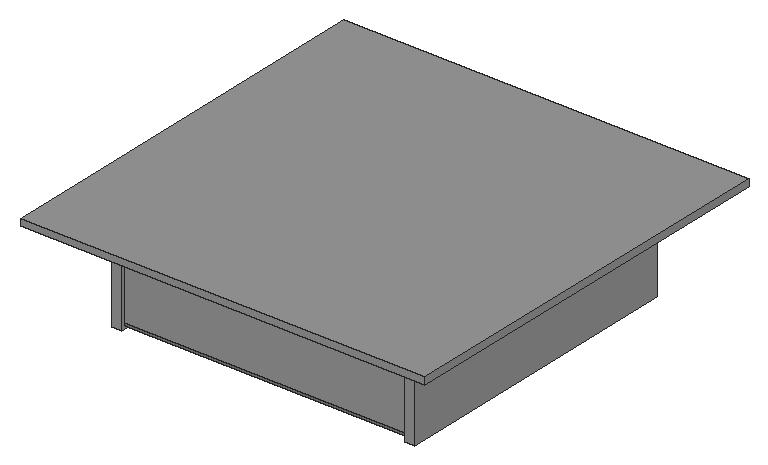
Revit family "Berica 2.0 M", category Lighting Fixtures, Revit 2020 (continued)
Definition of nested family "Light Source Berica 2.0"
  Parameters (values of type "L 45°x96°")
      73 224.33 223.68 222.67 221.11 219.05 \r\n216.68 213.80 210.39 206.83 202.68 198.38 193.74 188.20 \r\n182.81 176.90 170.96 164.65 158.51 152.16 145.98 139.61 \r\n133.38 127.16 121.40 115.98 110.58 105.59 101.47 97.55 \r\n93.65 89.98 86.83 83.95 81.13 78.93 76.53 74.62 72.72 \r\n70.95 69.45 67.90 66.67 65.31 64.12 63.04 62.09 61.04 \r\n59.88 58.81 57.76 56.69 55.62 54.40 53.32 52.11 50.93 \r\n49.77 48.49 47.36 46.15 45.18 44.23 43.28 42.26 41.37 \r\n40.42 39.51 38.51 37.63 36.75 35.83 35.02 34.09 33.34 \r\n32.40 31.59 30.82 30.01 29.32 28.61 28.03 27.36 26.85 \r\n26.25 25.72 25.22 24.87 24.74 24.87 25.22 25.72 26.25 \r\n26.85 27.36 28.03 28.61 29.32 30.01 30.82 31.59 32.40 \r\n33.34 34.09 35.02 35.83 36.75 37.63 38.51 39.51 40.42 \r\n41.37 42.26 43.28 44.23 45.18 46.15 47.36 48.49 49.77 \r\n50.93 52.11 53.32 54.40 55.62 56.69 57.76 58.81 59.88 \r\n61.04 62.09 63.04 64.12 65.31 66.67 67.90 69.45 70.95 \r\n72.72 74.62 76.53 78.93 81.13 83.95 86.83 89.98 93.65 \r\n97.55 101.47 105.59 110.58 115.98 121.40 127.16 133.38 \r\n139.61 145.98 152.16 158.51 164.65 170.96 176.90 182.81 \r\n188.20 193.74 198.38 202.68 206.83 210.39 213.80 216.68 \r\n219.05 221.11 222.67 223.68 224.33 224.73 224.84 224.51 \r\n224.51 224.81 224.69 224.38 223.83 222.97 221.63 219.99 \r\n217.71 215.15 212.10 209.02 205.20 201.43 196.74 192.13 \r\n187.47 181.65 176.32 170.43 164.56 158.14 152.71 146.20 \r\n140.12 134.21 128.10 122.94 116.96 112.10 107.48 102.90 \r\n98.79 95.07 91.09 88.11 84.92 82.21 79.63 77.26 75.32 \r\n73.30 71.47 69.71 68.13 66.56 65.34 63.86 62.68 61.48 \r\n60.27 59.03 57.90 56.66 55.51 54.31 53.05 51.84 50.42 \r\n49.25 47.91 46.63 45.42 44.17 42.97 41.94 40.83 39.84 \r\n38.85 37.76 36.78 35.81 34.92 33.96 33.02 32.13 31.19 \r\n30.33 29.43 28.61 27.82 27.05 26.36 25.63 25.12 24.53 \r\n24.10 23.60 23.11 22.84 22.63 22.84 23.11 23.60 24.10 \r\n24.53 25.12 25.63 26.36 27.05 27.82 28.61 29.43 30.33 \r\n31.19 32.13 33.02 33.96 34.92 35.81 36.78 37.76 38.85 \r\n39.84 40.83 41.94 42.97 44.17 45.42 46.63 47.91 49.25 \r\n50.42 51.84 53.05 54.31 55.51 56.66 57.90 59.03 60.27 \r\n61.48 62.68 63.86 65.34 66.56 68.13 69.71 71.47 73.30 \r\n75.32 77.26 79.63 82.21 84.92 88.11 91.09 95.07 98.79 \r\n102.90 107.48 112.10 116.96 122.94 128.10 134.21 140.12 \r\n146.20 152.71 158.14 164.56 170.43 176.32 181.65 187.47 \r\n192.13 196.74 201.43 205.20 209.02 212.10 215.15 217.71 \r\n219.99 221.63 222.97 223.83 224.38 224.69 224.81 224.51 \r\n224.51 224.83 224.81 224.51 223.95 223.23 222.16 220.63 \r\n218.85 216.47 213.99 211.01 207.84 204.36 200.48 196.16 \r\n191.39 186.95 181.55 176.52 170.71 165.49 159.64 153.65 \r\n147.75 141.89 135.89 130.31 124.86 119.39 114.93 109.78 \r\n105.55 100.88 97.09 93.30 89.85 86.62 83.75 80.99 78.59 \r\n76.26 74.14 72.09 70.32 68.43 66.85 65.34 63.89 62.48 \r\n60.98 59.64 58.24 57.01 55.62 54.33 53.07 51.77 50.30 \r\n49.06 47.58 46.25 44.85 43.52 42.26 40.81 39.67 38.45 \r\n37.41 36.28 35.20 34.12 33.12 32.05 31.13 30.15 29.27 \r\n28.30 27.46 26.53 25.69 24.88 24.13 23.54 22.87 22.38 \r\n21.91 21.42 20.99 20.71 20.50 20.71 20.99 21.42 21.91 \r\n22.38 22.87 23.54 24.13 24.88 25.69 26.53 27.46 28.30 \r\n29.27 30.15 31.13 32.05 33.12 34.12 35.20 36.28 37.41 \r\n38.45 39.67 40.81 42.26 43.52 44.85 46.25 47.58 49.06 \r\n50.30 51.77 53.07 54.33 55.62 57.01 58.24 59.64 60.98 \r\n62.48 63.89 65.34 66.85 68.43 70.32 72.09 74.14 76.26 \r\n78.59 80.99 83.75 86.62 89.85 93.30 97.09 100.88 105.55 \r\n109.78 114.93 119.39 124.86 130.31 135.89 141.89 147.75 \r\n153.65 159.64 165.49 170.71 176.52 181.55 186.95 191.39 \r\n196.16 200.48 204.36 207.84 211.01 213.99 216.47 218.85 \r\n220.63 222.16 223.23 223.95 224.51 224.81 224.83 224.51 \r\n224.51 224.82 224.83 224.51 224.06 223.48 222.65 221.36 \r\n219.76 217.95 215.70 213.08 210.32 207.11 203.69 200.00 \r\n196.06 191.54 187.28 182.55 177.38 172.15 167.15 161.59 \r\n155.90 150.35 144.62 139.46 133.43 128.28 123.25 118.14 \r\n113.38 108.74 104.34 100.25 96.26 92.48 89.19 85.86 83.02 \r\n80.45 77.87 75.44 73.17 71.06 69.19 67.44 65.64 63.89 \r\n62.20 60.70 59.15 57.50 56.10 54.59 53.14 51.75 50.33 \r\n48.84 47.43 45.87 44.44 43.01 41.49 40.24 38.76 37.46 \r\n36.19 34.93 33.72 32.63 31.55 30.43 29.36 28.29 27.39 \r\n26.26 25.41 24.50 23.66 22.81 22.01 21.31 20.68 20.12 \r\n19.62 19.24 18.82 18.52 18.37 18.52 18.82 19.24 19.62 \r\n20.12 20.68 21.31 22.01 22.81 23.66 24.50 25.41 26.26 \r\n27.39 28.29 29.36 30.43 31.55 32.63 33.72 34.93 36.19 \r\n37.46 38.76 40.24 41.49 43.01 44.44 45.87 47.43 48.84 \r\n50.33 51.75 53.14 54.59 56.10 57.50 59.15 60.70 62.20 \r\n63.89 65.64 67.44 69.19 71.06 73.17 75.44 77.87 80.45 \r\n83.02 85.86 89.19 92.48 96.26 100.25 104.34 108.74 113.38 \r\n118.14 123.25 128.28 133.43 139.46 144.62 150.35 155.90 \r\n161.59 167.15 172.15 177.38 182.55 187.28 191.54 196.06 \r\n200.00 203.69 207.11 210.32 213.08 215.70 217.95 219.76 \r\n221.36 222.65 223.48 224.06 224.51 224.83 224.82 224.51 \r\n224.51 224.79 224.81 224.68 224.20 223.64 222.93 221.95 \r\n220.77 219.06 217.31 215.27 212.85 210.15 207.22 203.94 \r\n200.51 196.75 192.78 188.66 184.09 179.56 174.88 169.56 \r\n164.52 159.33 154.23 148.59 143.34 137.87 133.22 127.80 \r\n122.99 118.14 113.26 108.63 104.33 100.07 96.24 92.78 \r\n89.17 85.91 82.77 80.06 77.28 74.80 72.39 70.18 68.13 \r\n66.04 64.14 62.21 60.48 58.66 56.97 55.25 53.67 52.03 \r\n50.53 48.86 47.30 45.80 44.19 42.65 41.18 39.71 38.30 \r\n36.70 35.33 33.85 32.51 31.25 30.01 28.86 27.66 26.64 \r\n25.48 24.52 23.54 22.56 21.72 20.73 19.98 19.19 18.48 \r\n17.87 17.31 16.88 16.45 16.21 16.09 16.21 16.45 16.88 \r\n17.31 17.87 18.48 19.19 19.98 20.73 21.72 22.56 23.54 \r\n24.52 25.48 26.64 27.66 28.86 30.01 31.25 32.51 33.85 \r\n35.33 36.70 38.30 39.71 41.18 42.65 44.19 45.80 47.30 \r\n48.86 50.53 52.03 53.67 55.25 56.97 58.66 60.48 62.21 \r\n64.14 66.04 68.13 70.18 72.39 74.80 77.28 80.06 82.77 \r\n85.91 89.17 92.78 96.24 100.07 104.33 108.63 113.26 \r\n118.14 122.99 127.80 133.22 137.87 143.34 148.59 154.23 \r\n159.33 164.52 169.56 174.88 179.56 184.09 188.66 192.78 \r\n196.75 200.51 203.94 207.22 210.15 212.85 215.27 217.31 \r\n219.06 220.77 221.95 222.93 223.64 224.20 224.68 224.81 \r\n224.79 224.51 \r\n224.51 224.73 224.75 224.55 224.31 223.74 223.03 222.25 \r\n221.36 220.08 218.58 216.88 215.04 212.80 210.22 207.42 \r\n204.63 201.28 197.91 194.04 190.23 186.33 181.87 177.69 \r\n173.15 168.31 163.54 158.92 153.54 148.54 143.62 138.62 \r\n133.81 128.26 123.55 119.04 114.00 109.60 105.37 100.95 \r\n97.22 93.04 89.68 86.28 82.96 79.93 77.11 74.28 71.64 \r\n69.20 66.87 64.68 62.35 60.29 58.39 56.40 54.58 52.69 \r\n50.85 49.19 47.41 45.80 44.01 42.41 40.84 39.32 37.59 \r\n36.19 34.54 33.07 31.62 30.10 28.78 27.48 26.22 25.05 \r\n23.88 22.81 21.71 20.67 19.76 18.83 17.90 17.04 16.29 \r\n15.47 14.86 14.32 13.98 13.67 13.59 13.67 13.98 14.32 \r\n14.86 15.47 16.29 17.04 17.90 18.83 19.76 20.67 21.71 \r\n22.81 23.88 25.05 26.22 27.48 28.78 30.10 31.62 33.07 \r\n34.54 36.19 37.59 39.32 40.84 42.41 44.01 45.80 47.41 \r\n49.19 50.85 52.69 54.58 56.40 58.39 60.29 62.35 64.68 \r\n66.87 69.20 71.64 74.28 77.11 79.93 82.96 86.28 89.68 \r\n93.04 97.22 100.95 105.37 109.60 114.00 119.04 123.55 \r\n128.26 133.81 138.62 143.62 148.54 153.54 158.92 163.54 \r\n168.31 173.15 177.69 181.87 186.33 190.23 194.04 197.91 \r\n201.28 204.63 207.42 210.22 212.80 215.04 216.88 218.58 \r\n220.08 221.36 222.25 223.03 223.74 224.31 224.55 224.75 \r\n224.73 224.51 \r\n224.51 224.83 224.86 224.65 224.41 223.96 223.42 222.68 \r\n221.85 221.02 219.74 218.43 216.76 215.08 213.01 210.70 \r\n208.17 205.35 202.46 199.42 196.27 192.59 189.14 185.17 \r\n181.25 177.00 172.94 168.59 164.00 159.24 154.62 150.19 \r\n144.75 140.27 134.86 130.34 125.21 120.36 115.94 111.14 \r\n106.80 102.71 98.26 94.34 90.73 86.92 83.44 80.18 76.95 \r\n73.95 71.01 68.30 65.61 63.02 60.63 58.42 56.12 54.12 \r\n51.89 49.87 47.92 46.07 44.23 42.31 40.60 38.92 37.23 \r\n35.58 33.87 32.42 30.78 29.31 27.87 26.39 25.04 23.73 \r\n22.41 21.25 20.08 18.95 18.00 16.85 15.96 14.93 14.06 \r\n13.23 12.43 11.88 11.41 11.09 10.98 11.09 11.41 11.88 \r\n12.43 13.23 14.06 14.93 15.96 16.85 18.00 18.95 20.08 \r\n21.25 22.41 23.73 25.04 26.39 27.87 29.31 30.78 32.42 \r\n33.87 35.58 37.23 38.92 40.60 42.31 44.23 46.07 47.92 \r\n49.87 51.89 54.12 56.12 58.42 60.63 63.02 65.61 68.30 \r\n71.01 73.95 76.95 80.18 83.44 86.92 90.73 94.34 98.26 \r\n102.71 106.80 111.14 115.94 120.36 125.21 130.34 134.86 \r\n140.27 144.75 150.19 154.62 159.24 164.00 168.59 172.94 \r\n177.00 181.25 185.17 189.14 192.59 196.27 199.42 202.46 \r\n205.35 208.17 210.70 213.01 215.08 216.76 218.43 219.74 \r\n221.02 221.85 222.68 223.42 223.96 224.41 224.65 224.86 \r\n224.83 224.51 \r\n224.51 224.74 224.73 224.53 224.37 224.00 223.51 222.85 \r\n222.14 221.27 220.46 219.35 218.09 216.68 214.88 213.02 \r\n210.98 208.65 206.30 203.71 200.90 197.99 195.02 191.65 \r\n188.37 184.68 181.02 177.32 173.11 169.24 165.10 160.61 \r\n156.15 151.64 146.72 142.17 137.50 132.77 127.64 122.80 \r\n118.14 113.77 108.91 104.69 100.25 95.89 92.01 87.71 \r\n84.26 80.35 77.06 73.63 70.43 67.30 64.33 61.51 58.75 \r\n56.36 53.59 51.39 48.90 46.79 44.53 42.51 40.39 38.68 \r\n36.73 35.04 33.29 31.63 30.03 28.37 26.90 25.45 23.95 \r\n22.51 21.25 19.88 18.68 17.38 16.28 15.12 14.06 12.99 \r\n11.95 10.99 10.08 9.43 8.84 8.54 8.40 8.54 8.84 9.43 \r\n10.08 10.99 11.95 12.99 14.06 15.12 16.28 17.38 18.68 \r\n19.88 21.25 22.51 23.95 25.45 26.90 28.37 30.03 31.63 \r\n33.29 35.04 36.73 38.68 40.39 42.51 44.53 46.79 48.90 \r\n51.39 53.59 56.36 58.75 61.51 64.33 67.30 70.43 73.63 \r\n77.06 80.35 84.26 87.71 92.01 95.89 100.25 104.69 108.91 \r\n113.77 118.14 122.80 127.64 132.77 137.50 142.17 146.72 \r\n151.64 156.15 160.61 165.10 169.24 173.11 177.32 181.02 \r\n184.68 188.37 191.65 195.02 197.99 200.90 203.71 206.30 \r\n208.65 210.98 213.02 214.88 216.68 218.09 219.35 220.46 \r\n221.27 222.14 222.85 223.51 224.00 224.37 224.53 224.73 \r\n224.74 224.51 \r\n224.51 224.73 224.76 224.64 224.43 224.19 223.76 223.26 \r\n222.55 221.82 220.96 220.05 218.96 217.86 216.36 214.88 \r\n213.23 211.26 209.35 207.10 204.98 202.47 199.86 197.16 \r\n194.24 191.26 188.01 184.82 181.15 177.55 173.98 170.34 \r\n166.18 161.92 157.90 153.29 148.92 144.26 139.74 135.47 \r\n130.24 125.64 120.74 115.91 111.46 106.67 102.35 97.66 \r\n93.18 89.04 85.02 80.88 77.06 73.34 69.77 66.37 62.99 \r\n59.73 56.82 53.92 51.03 48.30 45.71 43.38 40.83 38.89 \r\n36.64 34.65 32.68 30.83 29.13 27.39 25.80 24.31 22.80 \r\n21.34 19.97 18.57 17.36 16.04 14.74 13.50 12.32 11.16 \r\n10.05 9.00 8.04 7.19 6.54 6.13 6.04 6.13 6.54 7.19 8.04 \r\n9.00 10.05 11.16 12.32 13.50 14.74 16.04 17.36 18.57 \r\n19.97 21.34 22.80 24.31 25.80 27.39 29.13 30.83 32.68 \r\n34.65 36.64 38.89 40.83 43.38 45.71 48.30 51.03 53.92 \r\n56.82 59.73 62.99 66.37 69.77 73.34 77.06 80.88 85.02 \r\n89.04 93.18 97.66 102.35 106.67 111.46 115.91 120.74 \r\n125.64 130.24 135.47 139.74 144.26 148.92 153.29 157.90 \r\n161.92 166.18 170.34 173.98 177.55 181.15 184.82 188.01 \r\n191.26 194.24 197.16 199.86 202.47 204.98 207.10 209.35 \r\n211.26 213.23 214.88 216.36 217.86 218.96 220.05 220.96 \r\n221.82 222.55 223.26 223.76 224.19 224.43 224.64 224.76 \r\n224.73 224.51 \r\n224.51 224.65 224.67 224.49 224.33 224.04 223.72 223.18 \r\n222.58 221.87 221.26 220.39 219.31 218.21 217.03 215.58 \r\n214.12 212.60 210.90 209.07 207.19 205.07 202.87 200.47 \r\n198.14 195.64 192.94 189.93 187.03 183.93 180.81 177.45 \r\n173.89 170.33 166.38 162.32 158.19 154.03 149.87 145.37 \r\n141.09 136.22 131.29 126.84 121.84 117.14 112.23 107.76 \r\n102.85 98.45 93.72 89.12 84.45 80.39 76.23 72.09 68.13 \r\n64.44 60.98 57.28 54.12 50.88 47.80 44.94 42.21 39.71 \r\n37.09 34.74 32.48 30.32 28.42 26.40 24.64 22.92 21.35 \r\n19.93 18.39 17.01 15.67 14.30 13.05 11.69 10.49 9.30 8.21 \r\n7.06 5.98 5.04 4.33 3.77 3.64 3.77 4.33 5.04 5.98 7.06 \r\n8.21 9.30 10.49 11.69 13.05 14.30 15.67 17.01 18.39 19.93 \r\n21.35 22.92 24.64 26.40 28.42 30.32 32.48 34.74 37.09 \r\n39.71 42.21 44.94 47.80 50.88 54.12 57.28 60.98 64.44 \r\n68.13 72.09 76.23 80.39 84.45 89.12 93.72 98.45 102.85 \r\n107.76 112.23 117.14 121.84 126.84 131.29 136.22 141.09 \r\n145.37 149.87 154.03 158.19 162.32 166.38 170.33 173.89 \r\n177.45 180.81 183.93 187.03 189.93 192.94 195.64 198.14 \r\n200.47 202.87 205.07 207.19 209.07 210.90 212.60 214.12 \r\n215.58 217.03 218.21 219.31 220.39 221.26 221.87 222.58 \r\n223.18 223.72 224.04 224.33 224.49 224.67 224.65 224.51 \r\n224.51 224.52 224.54 224.33 224.15 223.91 223.51 223.06 \r\n222.50 221.87 221.15 220.42 219.44 218.46 217.35 216.01 \r\n214.64 213.30 211.69 209.95 208.00 206.07 204.17 201.90 \r\n199.93 197.49 195.16 192.56 189.89 186.94 184.27 181.41 \r\n178.28 175.17 171.67 168.15 164.46 160.53 156.61 152.65 \r\n148.28 143.97 139.14 134.86 129.91 125.22 120.09 115.30 \r\n110.48 105.40 100.63 95.79 91.04 86.35 81.37 76.97 72.70 \r\n68.36 64.46 60.49 56.80 53.01 49.79 46.55 43.32 40.56 \r\n37.65 34.94 32.40 29.95 27.83 25.52 23.64 21.73 19.94 \r\n18.32 16.76 15.24 13.77 12.36 11.16 9.84 8.57 7.39 6.20 \r\n5.17 4.02 3.13 2.36 1.79 1.68 1.79 2.36 3.13 4.02 5.17 \r\n6.20 7.39 8.57 9.84 11.16 12.36 13.77 15.24 16.76 18.32 \r\n19.94 21.73 23.64 25.52 27.83 29.95 32.40 34.94 37.65 \r\n40.56 43.32 46.55 49.79 53.01 56.80 60.49 64.46 68.36 \r\n72.70 76.97 81.37 86.35 91.04 95.79 100.63 105.40 110.48 \r\n115.30 120.09 125.22 129.91 134.86 139.14 143.97 148.28 \r\n152.65 156.61 160.53 164.46 168.15 171.67 175.17 178.28 \r\n181.41 184.27 186.94 189.89 192.56 195.16 197.49 199.93 \r\n201.90 204.17 206.07 208.00 209.95 211.69 213.30 214.64 \r\n216.01 217.35 218.46 219.44 220.42 221.15 221.87 222.50 \r\n223.06 223.51 223.91 224.15 224.33 224.54 224.52 224.51 \r\n224.51 224.54 224.47 224.29 224.04 223.70 223.35 223.00 \r\n222.37 221.64 220.92 220.21 219.23 218.33 217.06 215.88 \r\n214.56 213.07 211.42 209.78 208.08 206.23 204.25 202.16 \r\n200.14 197.85 195.62 193.10 190.58 187.82 185.16 182.17 \r\n179.18 176.35 173.06 169.68 165.83 162.15 158.39 154.58 \r\n150.21 145.95 141.55 136.64 132.14 127.20 122.43 117.54 \r\n112.46 107.56 102.36 97.42 92.53 87.26 82.94 78.07 73.39 \r\n68.85 64.65 60.75 56.75 52.88 49.48 46.11 42.61 39.56 \r\n36.57 33.94 31.23 28.75 26.27 24.18 22.19 20.16 18.36 \r\n16.73 15.10 13.62 12.09 10.74 9.43 8.19 6.97 5.82 4.70 \r\n3.63 2.61 1.77 1.06 0.57 0.41 0.57 1.06 1.77 2.61 3.63 \r\n4.70 5.82 6.97 8.19 9.43 10.74 12.09 13.62 15.10 16.73 \r\n18.36 20.16 22.19 24.18 26.27 28.75 31.23 33.94 36.57 \r\n39.56 42.61 46.11 49.48 52.88 56.75 60.75 64.65 68.85 \r\n73.39 78.07 82.94 87.26 92.53 97.42 102.36 107.56 112.46 \r\n117.54 122.43 127.20 132.14 136.64 141.55 145.95 150.21 \r\n154.58 158.39 162.15 165.83 169.68 173.06 176.35 179.18 \r\n182.17 185.16 187.82 190.58 193.10 195.62 197.85 200.14 \r\n202.16 204.25 206.23 208.08 209.78 211.42 213.07 214.56 \r\n215.88 217.06 218.33 219.23 220.21 220.92 221.64 222.37 \r\n223.00 223.35 223.70 224.04 224.29 224.47 224.54 224.51 \r\n224.51 224.36 224.16 223.82 223.58 223.20 222.61 222.09 \r\n221.44 220.74 219.88 218.91 217.90 216.79 215.53 214.18 \r\n212.70 211.15 209.49 207.62 205.74 203.69 201.62 199.45 \r\n197.37 194.94 192.32 189.83 187.22 184.30 181.48 178.60 \r\n175.42 172.19 168.78 165.14 161.69 157.76 153.80 149.41 \r\n145.44 141.10 136.46 131.85 126.93 122.07 117.30 112.19 \r\n107.34 102.25 97.36 92.48 87.45 82.76 77.91 73.39 68.68 \r\n64.49 60.52 56.43 52.76 49.18 45.54 42.42 39.09 36.18 \r\n33.25 30.76 28.28 25.80 23.60 21.40 19.58 17.64 16.12 \r\n14.54 13.01 11.64 10.29 9.12 7.87 6.80 5.75 4.71 3.76 \r\n2.82 2.05 1.24 0.69 0.29 0.21 0.29 0.69 1.24 2.05 2.82 \r\n3.76 4.71 5.75 6.80 7.87 9.12 10.29 11.64 13.01 14.54 \r\n16.12 17.64 19.58 21.40 23.60 25.80 28.28 30.76 33.25 \r\n36.18 39.09 42.42 45.54 49.18 52.76 56.43 60.52 64.49 \r\n68.68 73.39 77.91 82.76 87.45 92.48 97.36 102.25 107.34 \r\n112.19 117.30 122.07 126.93 131.85 136.46 141.10 145.44 \r\n149.41 153.80 157.76 161.69 165.14 168.78 172.19 175.42 \r\n178.60 181.48 184.30 187.22 189.83 192.32 194.94 197.37 \r\n199.45 201.62 203.69 205.74 207.62 209.49 211.15 212.70 \r\n214.18 215.53 216.79 217.90 218.91 219.88 220.74 221.44 \r\n222.09 222.61 223.20 223.58 223.82 224.16 224.36 224.51 \r\n224.51 224.29 224.03 223.64 223.12 222.60 221.91 221.30 \r\n220.47 219.54 218.50 217.26 216.03 214.77 213.25 211.70 \r\n210.01 208.29 206.33 204.39 202.27 199.93 197.82 195.32 \r\n192.81 190.12 187.23 184.34 181.37 178.22 174.96 171.52 \r\n167.91 164.47 160.45 156.65 152.33 148.37 143.80 139.52 \r\n135.32 130.24 125.79 120.81 116.02 111.25 106.03 101.46 \r\n
